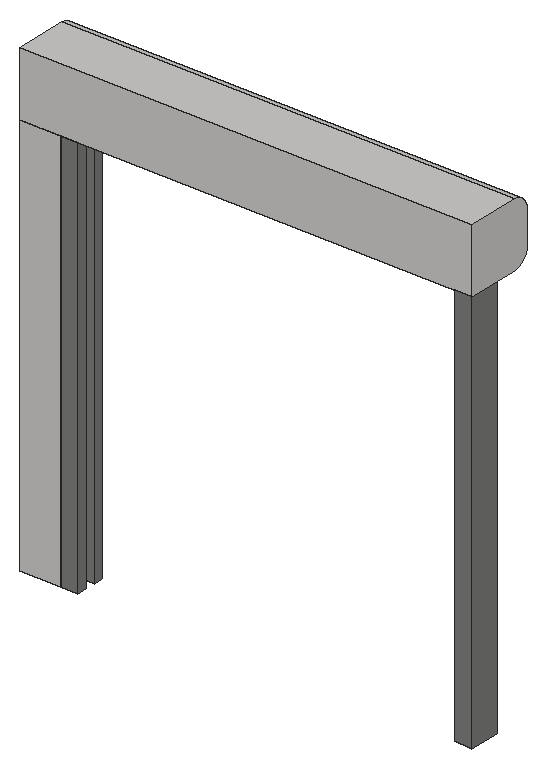
Revit family "AQ0026_Profil arrondi PRENIUM", category Portes, Revit 2024
Family settings
  Hôte = Mur
  Numéro OmniClass = 23.30.10.00
  Titre OmniClass = Doors
  Toujours verticalement = Oui
  Couper avec des vides une fois chargée = Non
  Partagée = Non
  Repère de localisation dans la pièce = Non
Parameters
  Profondeur_Montant_Industrie = 95 mm
  Position Ouvert [instance] = yes
  Position Fermée [instance] = not(Position Ouvert)  # no
  Largeur_Montant_Industrie = 160 mm
  Hauteur_Volet = 341.5 mm
  Hauteur_Ouverture_Porte = 1300 mm
  Hauteur_Boite_Elec = 1000 mm
  Haut_Volet_Roulant = 391 mm
  Fonction = Intérieur
  Projection - Ext. de l'encadrement = 25 mm
  Projection Int. de l'encadrement = 25 mm
  Largeur du cadre = 75 mm
  Height [instance] = 2100.5 mm
  Fermeture du mur = Par hôte
  Width [instance] = 2000 mm
  Ebrasement = 20 mm
  Définir les propriétés thermiques par = Type schématique
  Dim_Boite_Elec_Largeur = 400 mm
  Dim_Boit_Elec_Longueur = 400 mm
  Decalage_Boite_Elec = 200 mm
  Construction analytique = "<Aucun>"
Reference planes
  plane 1: y = 0
  plane 2 "Centre (gauche/droite)": x = 0
  plane 3 "Gauche": x = -1000
  plane 4 "Droite": x = 1000
  plane 5: z = 2100.5
  plane 6 "Extérieur": y = 75
  plane 7 "Intérieur": y = -75
  plane 8: y = 235
  plane 9: x = -1095
  plane 10: y = 235
  plane 11: x = 1095
  plane 12: y = 155
  plane 13: y = 155
  plane 14: z = 2491.5
  plane 15: z = 2150
  plane 16: x = -1310
  plane 17: y = 155.5
Forms (mm)
  Extrusion 1, solid, material "Acier"
    sketch origin (0, 0, 0) x (1, 0, 0) y (0, 1, 0)
      loop
        line (1095, 235) -> (1000, 235) -> (1000, 185) -> (1078, 185) -> (1078, 125) -> (1000, 125) -> (1000, 75) -> (1095, 75) -> (1095, 235)
      loop
        line (-1000, 75) -> (-1000, 125) -> (-1078, 125) -> (-1078, 185) -> (-1000, 185) -> (-1000, 235) -> (-1095, 235) -> (-1095, 75) -> (-1000, 75)
    from 0 to 2150
  Extrusion 2, solid, material "Acier fin"
    sketch origin (0, 0, 0) x (0, 1, 0) y (0, 0, 1)
      loop
        line (330, 2150) -> (75, 2150) -> (75, 0) -> (235, 0) -> (235, 1872.5) -> (330, 2150)
    from -1310 to -1095
  Extrusion 3, solid, material "Bleu", visible <- "Position Fermée"
    sketch origin (0, 75, 0) x (1, 0, 0) y (0, 0, 1)
      loop
        line (1071.5, 2150) -> (-1071.5, 2150) -> (-1071.5, 0) -> (1071.5, 0) -> (1071.5, 2150)
      loop
        line (921.5, 1450) -> (75, 1450) -> (75, 1300) -> (921.5, 1300) -> (921.5, 1450)
      loop
        line (-75, 1450) -> (-921.5, 1450) -> (-921.5, 1300) -> (-75, 1300) -> (-75, 1450)
      loop
        line (921.5, 1750) -> (75, 1750) -> (75, 1600) -> (921.5, 1600) -> (921.5, 1750)
      loop
        line (-75, 1750) -> (-921.5, 1750) -> (-921.5, 1600) -> (-75, 1600) -> (-75, 1750)
    from -79.5 to -80.5
  Extrusion 4, solid, material "Noir", visible <- "Position Fermée"
    sketch origin (0, 0, 0) x (0, 1, 0) y (0, 0, 1)
      loop
        line (155.5, 0) -> (166, 0) -> (166, 232.5) -> (156.5, 251.17) -> (156.5, 270) -> (155.5, 270) -> (155.5, 0)
    from -1071.5 to 1071.5
  Extrusion 5, solid, material "Noir", visible <- "Position Fermée"
    sketch origin (0, 0, 250) x (0, 1, 0) y (0, 0, 1)
      loop
        line (155, 20) -> (156.5, 20) -> (156.5, 40) -> (166, 57.5) -> (166, 92.5) -> (156.5, 111.17) -> (156.5, 130) -> (155, 130) -> (155, 20)
    from -1071.5 to 1071.5
  Extrusion 6, solid, material "Noir", visible <- "Position Fermée"
    sketch origin (0, 0, 1090) x (0, 1, 0) y (0, 0, 1)
      loop
        line (155, 77) -> (156.5, 77) -> (156.5, 97) -> (166, 114.5) -> (166, 149.5) -> (156.5, 168.17) -> (156.5, 187) -> (155, 187) -> (155, 77)
    from -1071.5 to 1071.5
  Extrusion 7, solid, material "Noir", visible <- "Position Fermée"
    sketch origin (0, 0, 1389) x (0, 1, 0) y (0, 0, 1)
      loop
        line (155.5, 77) -> (156.5, 77) -> (156.5, 97) -> (166, 114.5) -> (166, 149.5) -> (156.5, 168.17) -> (156.5, 187) -> (155.5, 187) -> (155.5, 77)
    from -1071.5 to 1078
  Extrusion 8, solid, material "Noir", visible <- "Position Ouvert"
    sketch origin (0, 0, 2293) x (0, 1, 0) y (0, 0, 1)
      loop
        line (155.5, -192.5) -> (156.5, -192.5) -> (156.5, -172.5) -> (166, -155) -> (166, -120) -> (156.5, -101.33) -> (156.5, -82.5) -> (155.5, -82.5) -> (155.5, -192.5)
    from -1078 to 1078
  Extrusion 9, solid, material "Bleu", visible <- "Position Ouvert"
    sketch origin (0, 75, -2660) x (1, 0, 0) y (0, 0, 1)
      loop
        line (1071.5, 4810) -> (-1071.5, 4810) -> (-1071.5, 4760.5) -> (1071.5, 4760.5) -> (1071.5, 4810)
    from -79.5 to -80.5
  Extrusion 10, solid, material "Noir", visible <- "Position Fermée"
    sketch origin (0, 0, 550) x (0, 1, 0) y (0, 0, 1)
      loop
        line (155, 19) -> (156.5, 19) -> (156.5, 39) -> (166, 56.5) -> (166, 91.5) -> (156.5, 110.17) -> (156.5, 129) -> (155, 129) -> (155, 19)
    from -1078 to 1078
  Extrusion 11, solid, material "Noir", visible <- "Position Fermée"
    sketch origin (0, 0, 849) x (0, 1, 0) y (0, 0, 1)
      loop
        line (155, 19) -> (156.5, 19) -> (156.5, 39) -> (166, 56.5) -> (166, 91.5) -> (156.5, 110.17) -> (156.5, 129) -> (155, 129) -> (155, 19)
    from -1078 to 1078
  Extrusion 12, solid, material "Noir", visible <- "Position Fermée"
    sketch origin (0, 0, 1688) x (0, 1, 0) y (0, 0, 1)
      loop
        line (155.5, 77) -> (156.5, 77) -> (156.5, 97) -> (166, 114.5) -> (166, 149.5) -> (156.5, 168.17) -> (156.5, 187) -> (155.5, 187) -> (155.5, 77)
    from -1078 to 1078
  Extrusion 13, solid, material "Noir", visible <- "Position Fermée"
    sketch origin (0, 0, 1987) x (0, 1, 0) y (0, 0, 1)
      loop
        line (154.5, 77) -> (156.5, 77) -> (156.5, 97) -> (166, 114.5) -> (166, 149.5) -> (156.5, 168.17) -> (156.5, 187) -> (154.5, 187) -> (154.5, 77)
    from -1078 to 1078
  Extrusion 14, solid, material "Acier fin"
    sketch origin (0, 0, 0) x (0, 1, 0) y (0, 0, 1)
      loop
        line (75, 2150) -> (355, 2150)
        arc (355, 2150) -> (412.629, 2173.871) -> (436.5, 2231.5) r 81.5
        line (436.5, 2231.5) -> (436.5, 2411.5)
        arc (436.5, 2411.5) -> (413.069, 2468.069) -> (356.5, 2491.5) r 80
        line (356.5, 2491.5) -> (75, 2491.5) -> (75, 2150)
    from -1310 to 1095
Lines and regions (mm)
  Opening 1
    outline origin (-3050, -75, 0) x (1, 0, 0) y (0, 0, 1)
      loop
        line (2050, 0) -> (4050, 0) -> (4050, 2100.5) -> (2050, 2100.5) -> (2050, 0)
  symbolic lines, style "Sens d'ouverture de l'élévation"
    curve 1: line (1000, -75, 1050.25) -> (-1000, -75, 2100.5)
    curve 2: line (1000, -75, 1050.25) -> (-1000, -75, 0)
Text (mm)
  text "Extérieur" at (-2295.016, 1099.543, 0), in view "Niveau de réf."
  text "Extérieur" at (0, 1615.38, 3698.081), in view "Gauche"
  text "Extérieur" at (0, 1036.032, 3874.932), in view "Droite"
Dimensions and locks
  equal spacing: plane 3 "Gauche", plane 2 "Centre (gauche/droite)", plane 4 "Droite"
  "Width": plane 3 "Gauche" to plane 4 "Droite"
  "Height": plane 5 to host wall
  equal spacing: host wall, curve 2, plane 5
  host wall to plane 5 = 2100.5 mm
  locked: plane 6 "Extérieur" to host wall
  locked: plane 7 "Intérieur" to host wall
  "Profondeur_Montant_Industrie": plane 9 to plane 3 "Gauche"
  "Profondeur_Montant_Industrie": plane 4 "Droite" to plane 11
  "Largeur_Montant_Industrie": plane 6 "Extérieur" to plane 8
  "Largeur_Montant_Industrie": plane 6 "Extérieur" to plane 10
  equal spacing: plane 6 "Extérieur", plane 12, plane 10
  equal spacing: plane 8, plane 13, plane 6 "Extérieur"
  locked: plane 6 "Extérieur" to Extrusion 1 sketch curve at 50  (x2)
  locked: Extrusion 1 sketch curve to plane 10 at 50
  locked: Extrusion 1 sketch curve to plane 11 at 17
  locked: plane 8 to Extrusion 1 sketch curve at 50
  locked: plane 9 to Extrusion 1 sketch curve at 17
  "Haut_Volet_Roulant": plane 5 to plane 14
  "Hauteur_Volet": plane 15 to plane 14
  locked: plane 16 to plane 9 at 215
  locked: plane 4 "Droite" to Extrusion 3 sketch curve at 71.5
  locked: Extrusion 3 sketch curve to plane 3 "Gauche" at 71.5
  locked: Extrusion 3 sketch curve to Extrusion 3 sketch curve at 150  (x9)
  "Hauteur_Ouverture_Porte": Extrusion 3 sketch curve to Extrusion 3 sketch curve
  locked: plane 17 to plane 13 at 0.5
  locked: plane 17 to Extrusion 4 sketch curve at 10.5
  locked: Extrusion 4 sketch curve to Extrusion 4 sketch curve at 18.83
  locked: Extrusion 4 sketch curve to Extrusion 4 sketch curve at 37.5
  locked: plane 17 to Extrusion 4 sketch curve at 1
  locked: Extrusion 5 sketch curve to Extrusion 5 sketch curve at 110
  locked: Extrusion 5 sketch curve to Extrusion 5 sketch curve at 18.83
  locked: Extrusion 5 sketch curve to Extrusion 5 sketch curve at 20
  locked: Extrusion 5 sketch curve to Extrusion 5 sketch curve at 35
  locked: Extrusion 5 sketch curve to Extrusion 5 sketch curve at 37.5
  Extrusion 5 sketch curve to Extrusion 5 sketch curve = 37.5 mm
  locked: Extrusion 6 sketch curve to Extrusion 6 sketch curve at 110
  locked: Extrusion 6 sketch curve to Extrusion 6 sketch curve at 18.83
  locked: Extrusion 6 sketch curve to Extrusion 6 sketch curve at 20
  locked: Extrusion 6 sketch curve to Extrusion 6 sketch curve at 35
  locked: Extrusion 6 sketch curve to Extrusion 6 sketch curve at 37.5
  Extrusion 6 sketch curve to Extrusion 6 sketch curve = 37.5 mm
  locked: Extrusion 7 sketch curve to Extrusion 7 sketch curve at 110
  locked: Extrusion 7 sketch curve to Extrusion 7 sketch curve at 18.83
  locked: Extrusion 7 sketch curve to Extrusion 7 sketch curve at 20
  locked: Extrusion 7 sketch curve to Extrusion 7 sketch curve at 35
  locked: Extrusion 7 sketch curve to Extrusion 7 sketch curve at 37.5
  Extrusion 7 sketch curve to Extrusion 7 sketch curve = 37.5 mm
  locked: Extrusion 6 to Extrusion 7 at 189
  Extrusion 5 to Extrusion 6 = 787 mm
  Extrusion 4 to Extrusion 5 = 0 mm
  locked: Extrusion 8 sketch curve to Extrusion 8 sketch curve at 110
  locked: Extrusion 8 sketch curve to Extrusion 8 sketch curve at 18.83
  locked: Extrusion 8 sketch curve to Extrusion 8 sketch curve at 20
  locked: Extrusion 8 sketch curve to Extrusion 8 sketch curve at 35
  locked: Extrusion 8 sketch curve to Extrusion 8 sketch curve at 37.5
  Extrusion 8 sketch curve to Extrusion 8 sketch curve = 37.5 mm
  locked: Extrusion 9 sketch curve to plane 9 at 23.5
  locked: plane 11 to Extrusion 9 sketch curve at 23.5
  locked: Extrusion 4 sketch curve to level at 270
  plane 4 "Droite" to Extrusion 1 = 95 mm
  locked: Extrusion 10 sketch curve to Extrusion 10 sketch curve at 110
  locked: Extrusion 10 sketch curve to Extrusion 10 sketch curve at 18.83
  locked: Extrusion 10 sketch curve to Extrusion 10 sketch curve at 20
  locked: Extrusion 10 sketch curve to Extrusion 10 sketch curve at 35
  locked: Extrusion 10 sketch curve to Extrusion 10 sketch curve at 37.5
  Extrusion 10 sketch curve to Extrusion 10 sketch curve = 37.5 mm
  locked: Extrusion 10 sketch curve to Extrusion 5 at 189
  locked: Extrusion 11 sketch curve to Extrusion 11 sketch curve at 110
  locked: Extrusion 11 sketch curve to Extrusion 11 sketch curve at 18.83
  locked: Extrusion 11 sketch curve to Extrusion 11 sketch curve at 20
  locked: Extrusion 11 sketch curve to Extrusion 11 sketch curve at 35
  locked: Extrusion 11 sketch curve to Extrusion 11 sketch curve at 37.5
  Extrusion 11 sketch curve to Extrusion 11 sketch curve = 37.5 mm
  locked: Extrusion 11 sketch curve to Extrusion 10 at 189
  locked: Extrusion 6 sketch curve to Extrusion 11 at 189
  locked: Extrusion 12 sketch curve to Extrusion 12 sketch curve at 110
  locked: Extrusion 12 sketch curve to Extrusion 12 sketch curve at 18.83
  locked: Extrusion 12 sketch curve to Extrusion 12 sketch curve at 20
  locked: Extrusion 12 sketch curve to Extrusion 12 sketch curve at 35
  locked: Extrusion 12 sketch curve to Extrusion 12 sketch curve at 37.5
  Extrusion 12 sketch curve to Extrusion 12 sketch curve = 37.5 mm
  locked: Extrusion 13 sketch curve to Extrusion 13 sketch curve at 110
  locked: Extrusion 13 sketch curve to Extrusion 13 sketch curve at 18.83
  locked: Extrusion 13 sketch curve to Extrusion 13 sketch curve at 20
  locked: Extrusion 13 sketch curve to Extrusion 13 sketch curve at 35
  locked: Extrusion 13 sketch curve to Extrusion 13 sketch curve at 37.5
  Extrusion 13 sketch curve to Extrusion 13 sketch curve = 37.5 mm
  locked: Extrusion 7 to Extrusion 12 at 189
  locked: Extrusion 12 to Extrusion 13 at 189
  level to plane 14 = 2491.5 mm
  locked: host wall to Extrusion 14 sketch curve at 361.5
  locked: Extrusion 14 sketch curve to plane 15 at 341.5
  locked: Extrusion 1 to Extrusion 2 sketch curve at 255
  aligned and locked: plane 3 "Gauche" to Opening 1 sketch curve
  aligned and locked: plane 5 to Opening 1 sketch curve  (x2)
  aligned and locked: Opening 1 sketch curve to plane 4 "Droite"
  aligned and locked: Opening 1 sketch curve to level
  aligned and locked: plane 5 to curve 1
  aligned and locked: plane 3 "Gauche" to curve 2
  aligned and locked: plane 1 to host wall
  aligned and locked: plane 3 "Gauche" to curve 1
  aligned and locked: Extrusion 1 sketch curve to plane 10
  aligned and locked: Extrusion 1 sketch curve to plane 6 "Extérieur"  (x2)
  aligned and locked: Extrusion 1 sketch curve to plane 4 "Droite"  (x2)
  aligned and locked: Extrusion 1 sketch curve to plane 11
  aligned and locked: Extrusion 1 sketch curve to plane 9
  aligned and locked: Extrusion 1 sketch curve to plane 8
  aligned and locked: Extrusion 1 sketch curve to plane 3 "Gauche"
  aligned and locked: Extrusion 1 to plane 15
  aligned and locked: plane 15 to Extrusion 2 sketch curve
  aligned and locked: host wall to Extrusion 2 sketch curve
  aligned and locked: Extrusion 2 to plane 16
  aligned and locked: plane 9 to Extrusion 2
  aligned and locked: Extrusion 3 sketch curve to level
  aligned and locked: Extrusion 3 sketch curve to plane 15
  aligned and locked: Extrusion 3 sketch curve to Extrusion 3 sketch curve  (x5)
  aligned and locked: plane 17 to Extrusion 3
  aligned and locked: Extrusion 4 sketch curve to plane 17
  aligned and locked: Extrusion 4 to Extrusion 3
  aligned and locked: Extrusion 3 to Extrusion 4
  aligned and locked: Extrusion 5 sketch curve to Extrusion 5 sketch curve
  aligned and locked: Extrusion 3 to Extrusion 5
  aligned and locked: Extrusion 5 to Extrusion 3
  aligned and locked: Extrusion 6 sketch curve to Extrusion 6 sketch curve
  aligned and locked: Extrusion 6 to Extrusion 3
  aligned and locked: Extrusion 3 to Extrusion 6
  aligned and locked: plane 13 to Extrusion 6
  aligned and locked: plane 13 to Extrusion 5
  aligned and locked: Extrusion 7 sketch curve to Extrusion 7 sketch curve
  aligned and locked: Extrusion 7 to Extrusion 1
  aligned and locked: Extrusion 3 to Extrusion 7
  aligned and locked: Extrusion 7 to Extrusion 3
  aligned and locked: Extrusion 4 sketch curve to level
  aligned and locked: Extrusion 8 sketch curve to Extrusion 8 sketch curve
  aligned and locked: Extrusion 8 to Extrusion 1  (x2)
  aligned and locked: Extrusion 8 to Extrusion 3
  aligned and locked: Extrusion 9 sketch curve to plane 15
  aligned and locked: Extrusion 9 sketch curve to plane 5
  aligned and locked: Extrusion 2 sketch curve to level
  aligned and locked: Extrusion 2 sketch curve to Extrusion 1
  aligned and locked: Extrusion 5 sketch curve to Extrusion 4
  aligned and locked: Extrusion 10 sketch curve to Extrusion 10 sketch curve
  aligned and locked: Extrusion 10 to Extrusion 1  (x2)
  aligned and locked: Extrusion 10 to Extrusion 5
  aligned and locked: Extrusion 11 sketch curve to Extrusion 11 sketch curve
  aligned and locked: Extrusion 11 to Extrusion 1  (x2)
  aligned and locked: Extrusion 6 to Extrusion 11
  aligned and locked: Extrusion 12 sketch curve to Extrusion 12 sketch curve
  aligned and locked: Extrusion 13 sketch curve to Extrusion 13 sketch curve
  aligned and locked: Extrusion 12 to Extrusion 1  (x2)
  aligned and locked: Extrusion 13 to Extrusion 1  (x2)
  aligned and locked: Extrusion 13 to Extrusion 9
  aligned and locked: Extrusion 12 to Extrusion 3
  aligned and locked: Extrusion 14 sketch curve to host wall
  aligned and locked: Extrusion 14 sketch curve to plane 15
  aligned and locked: plane 11 to Extrusion 14
  aligned and locked: plane 16 to Extrusion 14
Automatic sketch dimensions
  curve 2 to level = 0 mm
  plane 4 "Droite" to curve 2 = 0 mm
  Extrusion 1 sketch curve to plane 3 "Gauche" = 0 mm
  Extrusion 5 sketch curve to plane 12 = 0 mm
  plane 17 to Extrusion 5 sketch curve = 1 mm
  plane 17 to Extrusion 5 sketch curve = 10.5 mm
  Extrusion 6 sketch curve to plane 12 = 0 mm
  plane 17 to Extrusion 6 sketch curve = 1 mm
  plane 17 to Extrusion 6 sketch curve = 10.5 mm
  Extrusion 7 sketch curve to plane 17 = 0 mm
  Extrusion 7 sketch curve to Extrusion 7 sketch curve = 1 mm
  plane 17 to Extrusion 7 sketch curve = 10.5 mm
  plane 5 to Extrusion 7 sketch curve = 634.5 mm
  plane 5 to Extrusion 8 sketch curve = 0 mm
  Extrusion 8 sketch curve to plane 17 = 0 mm
  plane 17 to Extrusion 8 sketch curve = 1 mm
  plane 17 to Extrusion 8 sketch curve = 10.5 mm
  Extrusion 10 sketch curve to plane 12 = 0 mm
  plane 17 to Extrusion 10 sketch curve = 1 mm
  plane 17 to Extrusion 10 sketch curve = 10.5 mm
  Extrusion 11 sketch curve to plane 12 = 0 mm
  plane 17 to Extrusion 11 sketch curve = 1 mm
  plane 17 to Extrusion 11 sketch curve = 10.5 mm
  Extrusion 12 sketch curve to plane 17 = 0 mm
  Extrusion 12 sketch curve to Extrusion 12 sketch curve = 1 mm
  plane 17 to Extrusion 12 sketch curve = 10.5 mm
  plane 5 to Extrusion 12 sketch curve = 335.5 mm
  Extrusion 13 sketch curve to plane 12 = 0.5 mm
  plane 17 to Extrusion 13 sketch curve = 1 mm
  plane 17 to Extrusion 13 sketch curve = 10.5 mm
  plane 5 to Extrusion 13 sketch curve = 36.5 mm
  Extrusion 3 sketch curve to plane 2 "Centre (gauche/droite)" = 75 mm
  Extrusion 14 sketch curve to Extrusion 14 sketch curve = 80 mm
  Extrusion 14 sketch curve to Extrusion 14 sketch curve = 81.5 mm
  plane 5 to Extrusion 2 sketch curve = 228 mm
